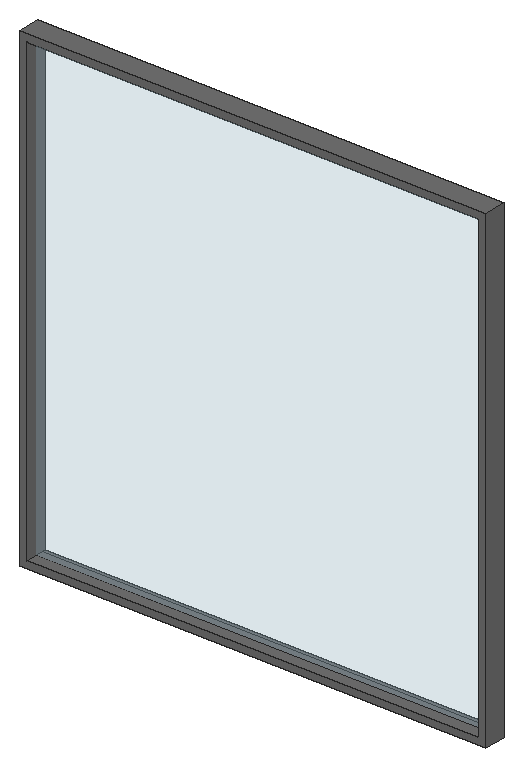
Revit family "ADSK_ОкноВитражноеОдностворчатое", category Окна, Revit 2019
Family settings
  Номер OmniClass = 23.25.20.14.11.11.17
  Заголовок OmniClass = Infill Panels
  Всегда вертикально = Да
  При загрузке вырезать с полостями = Нет
  Общий = Нет
  Точка расчета площади = Нет
Parameters (values of type "Открывание Сдвиг Право")
  Термостойкость = 0.271106 (m²·K)/W
  Смещение открывания [instance] = 250.00 mm
  Сдвиг_Право = yes
  Сдвиг_Лево = no
  Панель_Смещение [instance] = -50.00 mm
  Рама_профиль_Ширина = 80.00 mm
  Рама_профиль_Высота = 25.00 mm
  Visual Light Transmittance = 0.9
  Стекло_Толщина = 25.00 mm
  Отступ_панели [instance] = 450.00 mm + Панель_Смещение  # 400.00 mm
  Открывание_Лево = no
  Подъем_Вверх = no
  Открывание_Право = no
  Откидывание_Вниз = no
  Материал переплета = AVLN_Материал импоста_RAL 7024
  Solar Heat Gain Coefficient = 0.78
  Идентификатор типа конструкции = "GSP4R"
  Коэффициент теплопередачи (U) = 3.6886 W/(m²·K)
  Материал остекления = ADSK_Стекло_Прозрачное бесцветное
  Стекло_Смещение = 40.00 mm
  Длина открывания [instance] = Смещение открывания * 2  # 500.00 mm
  Группа модели = "Вставка в витраж"
  Глухая = no
  Аналитическая конструкция = "Одинарное остекление стеклами Пилкингтон - 1/8 дюйма"
  ADSK_Этаж [instance] = ""
  ADSK_Примечание [instance] = ""
  ADSK_Предел огнестойкости = ""
  ADSK_Позиция [instance] = ""
  ADSK_Обозначение = "ГОСТ 23166-99"
  ADSK_Наименование краткое = ""
  ADSK_Наименование = "ОА ОСП *-* ПО Л"
  ADSK_Масса_Текст = ""
  ADSK_Масса = 0
  ADSK_Количество [instance] = 0
  ADSK_Код изделия = ""
  ADSK_Зона [instance] = ""
  ADSK_Завод-изготовитель = ""
  ADSK_Единица измерения = ""
  ADSK_Группирование [instance] = ""
  ADSK_Версия семейства = "1.0"  # constant formula
  ADSK_Версия Revit = "v2019"  # constant formula
  ADSK_URL страницы изделия = ""
  ADSK_URL документации изделия = ""
Types (10, lengths in mm): name | Смещение открывания | Сдвиг_Право | Сдвиг_Лево | Открывание_Лево | Открывание_Право | Откидывание_Вниз | Материал остекления | Длина открывания | Группа модели | ADSK_Наименование
  Открывание Влево Вниз | 400.00 | no | no | yes | no | yes | ADSK_Стекло_Прозрачное бесцветное | 800.00 | 0.00 | "ОА ОСП *-* ПО Л"
  Открывание Вправо Вниз | 1190.00 | no | no | no | yes | yes | ADSK_Стекло_Прозрачное бесцветное | 2380.00 | 0.00 | "ОА ОСП *-* ПО П"
  Открывание Вправо Вниз (тонированное стекло) | 1190.00 | no | no | no | yes | yes | ADSK_Стекло_Прозрачное тонированное | 2380.00 | 0.00 | "ОА ОСП *-* ПО П"
  Открывание Влево Вниз (тонированное стекло) | 1190.00 | no | no | yes | no | yes | ADSK_Стекло_Прозрачное тонированное | 2380.00 | 0.00 | "ОА ОСП *-* ПО Л"
  Открывание Влево (тонированное стекло) | 1190.00 | no | no | yes | no | no | ADSK_Стекло_Прозрачное тонированное | 2380.00 | "Вставка в витраж" | "ОА ОСП *-* ПО Л"
  Открывание Влево | 1190.00 | yes | yes | yes | no | yes | ADSK_Стекло_Прозрачное бесцветное | 2380.00 | "Вставка в витраж" | "ОА ОСП *-* ПО Л"
  Открывание Вправо | 1190.00 | no | no | no | yes | no | ADSK_Стекло_Прозрачное бесцветное | 2380.00 | "Вставка в витраж" | "ОА ОСП *-* ПО П"
  Открывание Вправо (тонированное стекло) | 1190.00 | no | no | no | yes | no | ADSK_Стекло_Прозрачное тонированное | 2380.00 | "Вставка в витраж" | "ОА ОСП *-* ПО П"
  Открывание Сдвиг Право | 250.00 | yes | no | no | no | no | ADSK_Стекло_Прозрачное бесцветное | 500.00 | "Вставка в витраж" | "ОА ОСП *-* ПО Л"
  Открывание Сдвиг Лево | 250.00 | no | yes | no | no | no | ADSK_Стекло_Прозрачное бесцветное | 500.00 | "Вставка в витраж" | "ОА ОСП *-* ПО Л"
Reference planes
  plane 1: y = 0
  plane 2: z = 0
  plane 3: x = 0
  plane 4: x = -831.877
  plane 5: x = 831.877
  plane 6: z = 1712.776
  plane 7 "Внутренняя грань": y = -50
  plane 8: z = 856.388
  plane 9: x = 100
  plane 10: x = -100
  plane 11: z = 956.388
  plane 12: z = 756.388
  plane 13: y = -450
  plane 14 "Нражная грань": y = 30
Forms (mm)
  Extrusion 1, solid, material "ADSK_Стекло_Прозрачное бесцветное" <- "Материал остекления"
    sketch origin (0, 0, 0) x (1, 0, 0) y (0, 1, 0)
      loop
        line (-806.877, 15) -> (-806.877, -10) -> (806.877, -10) -> (806.877, 15) -> (-806.877, 15)
    from 25 to 1687.776
  Sweep 2, solid, material "AVLN_Материал импоста_RAL 7024" <- "Материал переплета"
    path origin (0, -50, 0) x (-1, 0, 0) y (0, 0, 1)
      loop
        line (-831.877, 1712.776) -> (-831.877, 0) -> (831.877, 0) -> (831.877, 1712.776) -> (-831.877, 1712.776)
    profile origin (0, -50, 1712.776) x (0, 0, 1) y (0, 1, 0)
      loop
        line (0, 0) -> (0, 80) -> (-25, 80) -> (-25, 0) -> (0, 0)
Lines and regions (mm)
  symbolic lines, visible <- "Глухая"
    curve 1: line (0, -50, 956.388) -> (0, -50, 756.388)
    curve 2: line (100, -50, 856.388) -> (-100, -50, 856.388)
  symbolic lines, visible <- "Сдвиг_Право"
    curve 3: line (-250, -50, 856.388) -> (-114.77, -50, 892.622)
    curve 4: line (-250, -50, 856.388) -> (-114.77, -50, 820.153)
    curve 16: line (250, -50, 856.388) -> (-250, -50, 856.388)
  symbolic lines, visible <- "Сдвиг_Право", not visible
    curve 5: line (-211.731, -50, 1419.396) -> (-76.501, -50, 1455.631)
    curve 6: line (-211.731, -50, 1419.396) -> (-76.501, -50, 1383.162)
  symbolic lines, visible <- "Сдвиг_Лево"
    curve 7: line (250, -50, 856.388) -> (114.77, -50, 892.622)
    curve 8: line (250, -50, 856.388) -> (114.77, -50, 820.153)
    curve 15: line (250, -50, 856.388) -> (-250, -50, 856.388)
    curve 19: line (250, -50, 856.388) -> (245, -50, 856.388)
  symbolic lines, visible <- "Сдвиг_Лево", not visible
    curve 9: line (250, -50, 1504.2) -> (114.77, -50, 1540.435)
    curve 10: line (250, -50, 1504.2) -> (114.77, -50, 1467.965)
    curve 20: line (250, -50, 1504.2) -> (245, -50, 1504.2)
  symbolic lines, style "Открывание_Внутрь", not visible
    curve 11: line (278.269, 0, 450) -> (-278.269, 0, 0)
    curve 12: line (-278.269, 0, 900) -> (278.269, 0, 450)
    curve 13: line (-278.269, 0, 0) -> (0, 0, 900)
    curve 14: line (278.269, 0, 0) -> (0, 0, 900)
  symbolic lines, style "InvisibleLines", visible <- "Сдвиг_Право"
    curve 17: line (-250, -50, 856.388) -> (-245, -50, 856.388)
  symbolic lines, style "InvisibleLines", visible <- "Сдвиг_Право", not visible
    curve 18: line (-211.731, -50, 1419.396) -> (-206.731, -50, 1419.396)
  model lines, style "Открывание_Наружу", visible <- "Откидывание_Вниз"
    curve 21: line (831.877, -50, 0) -> (0, -50, 1712.776)
    curve 22: line (0, -50, 1712.776) -> (-831.877, -50, 0)
  model lines, style "Открывание_Наружу", visible <- "Открывание_Лево"
    curve 23: line (831.877, -50, 0) -> (-831.877, -50, 856.388)
    curve 24: line (-831.877, -50, 856.388) -> (831.877, -50, 1712.776)
  model lines, style "Открывание_Наружу", visible <- "Открывание_Право"
    curve 25: line (-831.877, -50, 0) -> (831.877, -50, 856.388)
    curve 26: line (831.877, -50, 856.388) -> (-831.877, -50, 1712.776)
  model lines, style "Открывание_Наружу", visible <- "Подъем_Вверх"
    curve 27: line (-831.877, -50, 1712.776) -> (0, -50, 0)
    curve 28: line (0, -50, 0) -> (831.877, -50, 1712.776)
  model lines, style "Открывание_Внутрь", visible <- "Откидывание_Вниз"
    curve 29: line (831.877, 30, 0) -> (0, 30, 1712.776)
    curve 30: line (0, 30, 1712.776) -> (-831.877, 30, 0)
  model lines, style "Открывание_Внутрь", visible <- "Открывание_Лево"
    curve 31: line (831.877, 30, 0) -> (-831.877, 30, 856.388)
    curve 32: line (-831.877, 30, 856.388) -> (831.877, 30, 1712.776)
  model lines, style "Открывание_Внутрь", visible <- "Открывание_Право"
    curve 33: line (-831.877, 30, 0) -> (831.877, 30, 856.388)
    curve 34: line (831.877, 30, 856.388) -> (-831.877, 30, 1712.776)
  model lines, style "Открывание_Внутрь", visible <- "Подъем_Вверх"
    curve 35: line (-831.877, 30, 1712.776) -> (0, 30, 0)
    curve 36: line (0, 30, 0) -> (831.877, 30, 1712.776)
Text (mm)
  text "Наружный" at (-1328.559, 631.882, 0), in view "Базовая линия"
Dimensions and locks
  equal spacing: plane 4, plane 3, plane 5
  "Стекло_Смещение": plane 7 "Внутренняя грань" to Extrusion 1 sketch curve
  "Рама_профиль_Ширина": Sweep 2 sketch curve to profile plane
  "Рама_профиль_Высота": Sweep 2 sketch curve to profile plane
  "Стекло_Толщина": Extrusion 1 sketch curve to Extrusion 1 sketch curve
  equal spacing: plane 2, plane 8, plane 6
  plane 10 to plane 3 to plane 9 = 100.00 mm locked, 100.00 mm locked
  plane 12 to plane 8 to plane 11 = 100.00 mm locked, 100.00 mm locked
  locked: plane 13 to plane 1 at 450
  "Отступ_панели": plane 7 "Внутренняя грань" to plane 13
  plane 4 to plane 5 = 1663.754 mm
  "Длина открывания": curve 15 to curve 15
  "Смещение открывания": curve 8 to plane 3
  "Смещение открывания": plane 3 to curve 4
  "Длина открывания": curve 16 to curve 16
  equal spacing: curve 15, plane 3, curve 15
  equal spacing: curve 16, plane 3, curve 16
  aligned and locked: plane 5 to Sweep 2 sketch curve
  aligned and locked: plane 6 to Sweep 2 sketch curve
  aligned and locked: Sweep 2 sketch curve to plane 4
  aligned and locked: plane 2 to Sweep 2 sketch curve
  aligned and locked: Sweep 2 to Extrusion 1 sketch curve
  aligned and locked: Extrusion 1 sketch curve to Sweep 2
  aligned and locked: Extrusion 1 to Sweep 2  (x2)
  aligned and locked: plane 11 to curve 1
  aligned and locked: plane 12 to curve 1
  aligned and locked: plane 8 to curve 2
  aligned and locked: plane 10 to curve 2
  aligned and locked: plane 9 to curve 2
  aligned and locked: plane 8 to curve 15
  aligned and locked: curve 4 to curve 17
  aligned and locked: curve 6 to curve 18
  aligned and locked: curve 8 to curve 19
  aligned and locked: curve 10 to curve 20
  aligned and locked: curve 19 to plane 8
  aligned and locked: plane 8 to curve 17
  aligned and locked: plane 14 "Нражная грань" to Sweep 2
  aligned and locked: plane 6 to curve 21
  aligned and locked: level to curve 21
  aligned and locked: plane 2 to curve 22
  aligned and locked: plane 6 to curve 24
  aligned and locked: curve 24 to plane 8
  aligned and locked: plane 4 to curve 26
  aligned and locked: plane 4 to curve 25
  aligned and locked: plane 5 to curve 25
  aligned and locked: plane 6 to curve 27
  aligned and locked: plane 2 to curve 28
Automatic sketch dimensions
  curve 17 to curve 3 = 5.00 mm
  curve 4 to curve 17 = 130.23 mm
  curve 4 to curve 3 = 0.00 mm
  curve 4 to curve 17 = 36.235 mm
  curve 4 to curve 3 = 72.469 mm
  curve 18 to curve 5 = 5.00 mm
  curve 6 to curve 18 = 130.23 mm
  curve 6 to curve 5 = 0.00 mm
  curve 6 to curve 18 = 36.235 mm
  curve 6 to curve 5 = 72.469 mm
  curve 19 to curve 19 = 5.00 mm
  curve 19 to curve 8 = 130.23 mm
  curve 8 to curve 7 = 0.00 mm
  curve 8 to curve 7 = 36.235 mm
  curve 8 to curve 7 = 72.469 mm
  curve 20 to curve 20 = 5.00 mm
  curve 20 to curve 10 = 130.23 mm
  curve 10 to curve 9 = 0.00 mm
  curve 10 to curve 9 = 36.235 mm
  curve 10 to curve 9 = 72.469 mm
  plane 3 to curve 1 = 0.00 mm
  plane 3 to curve 22 = 0.00 mm
  plane 4 to curve 23 = 0.00 mm
  plane 5 to curve 28 = 0.00 mm
  plane 5 to curve 23 = 0.00 mm
  curve 28 to plane 3 = 0.00 mm
  curve 26 to plane 8 = 0.00 mm
  curve 29 to level = 0.00 mm
  plane 5 to curve 29 = 0.00 mm
  plane 5 to curve 34 = 0.00 mm
  plane 5 to curve 36 = 0.00 mm
  plane 3 to curve 29 = 0.00 mm
  curve 35 to level = 0.00 mm
  curve 35 to plane 3 = 0.00 mm
  plane 4 to curve 34 = 0.00 mm
  plane 4 to curve 31 = 0.00 mm
  curve 30 to level = 0.00 mm
  plane 4 to curve 30 = 0.00 mm
  curve 34 to plane 8 = 0.00 mm
  curve 31 to plane 8 = 0.00 mm
  curve 32 to plane 6 = 0.00 mm
  curve 34 to plane 6 = 0.00 mm
  curve 30 to plane 6 = 0.00 mm
  Sweep 2 sketch curve to plane 7 "Внутренняя грань" = 0.00 mm
  profile plane to Sweep 2 sketch curve = 0.00 mm
  curve 15 to plane 8 = 0.00 mm
  curve 16 to plane 8 = 0.00 mm
  curve 15 to curve 16 = 0.00 mm
